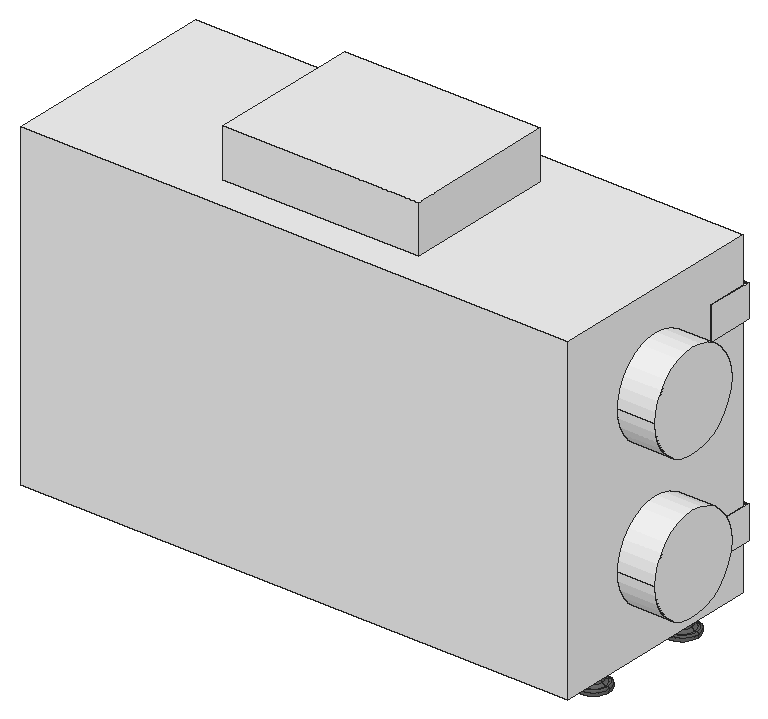
Revit family "BLAUBERG-KOMFORT_Ultra_L_250", category Mechanical Equipment, Revit 2019
Family settings
  Round Connector Dimension = Use Diameter
  Classification = None
  Part Type = Normal
  OmniClass Number = 23.75.35.14
  OmniClass Title = Air Handling Units
  Work Plane-Based = No
  Always vertical = Yes
  Cut with Voids When Loaded = No
  Shared = No
  Room Calculation Point = No
Parameters (values of type "KOMFORT Ultra L 250-E")
  dLFeets = 22 mm
  dBFeets = 70 mm
  Weight = 25.00 kg
  Standard Service Side [instance] = yes
  Sound Pressure Level at 3 m (dBA) = "28..47"
  ServiceDoorB = 20 mm  # constant formula
  Service Side 2 [instance] = Standard Service Side  # yes
  Service Side 1 [instance] = not(Standard Service Side)  # no
  MountingPlateH2 = 339 mm
  MountingPlateH1 = 80 mm
  MountingPlateGapB = 7 mm  # constant formula
  MountingPlateB = MountingPlateGapB + 15 mm  # 22 mm
  Maintenance Zone Side 2 [instance] = if(Maintenance Zone, (if(not(Standard Service Side), 1 = 1, 1 = 0)), 1 = 0)  # no
  Maintenance Zone Side 1 [instance] = if(Maintenance Zone, (if(Standard Service Side, 1 = 1, 1 = 0)), 1 = 0)  # no
  Plastic Material = Polypropylene Black
  Maximum Unit Power = 148 W
  Unit Current = 0.78 A
  Leveling Feets Height Calc [instance] = if(Leveling Feets Height < 23 mm, 23 mm, Leveling Feets Height)  # 23 mm
  Leveling Feets Height [instance] = 23 mm
  Leveling Feets [instance] = yes
  H2 = 114 mm
  H1 = 114 mm
  Heat Exchanger Material = "enthalpy"
  HDuctCon = 50 mm  # constant formula
  H = 419 mm
  ElConB = 143 mm
  ElConL = 357.5 mm
  ElBoxH = 63 mm
  ElBoxB = 198 mm
  ElBoxA = 255 mm
  DrainPipeD = if(Drain Connection Diameter = 0 mm, 1 mm, Drain Connection Diameter)  # 1 mm
  DrainPipe = no
  DrainConB = 247 mm
  Drain Flow [instance] = 0.0 L/s
  Drain Connection Diameter = 0 mm
  BackFeetD = 20 mm  # constant formula
  B2 = 143 mm
  Air Flow Factor [instance] = 1  # constant formula
  B1 = 143 mm
  L = 715 mm
  Voltage = 230 V
  URL = "https://blaubergventilatoren.de/ru/product/komfort-ultra-l250-e-s12"
  Type Comments = "Air Handling Unit KOMFORT Ultra L 250-E"
  Transported Air Temperature (°C) = "-25…+40"
  Supply Air Filter = "G4 (option F8)"
  SEC Class = "E"
  RPM (min-1) = 2700
  Power Factor = 1
  Power = Maximum Unit Power  # 148 W
  Number of Poles = 1
  Model = "KOMFORT Ultra L 250-E"
  Maximum Air Flow = 250 m³/h
  Manufacturer = "Blauberg"
  Maintenance Zone Material = Maintenance Zone
  Front Maintenance Zone Height = 500 mm
  Maintenance Zone [instance] = no
  Load Classification = HVAC
  B = 286 mm
  Heat recovery efficiency (%) = "52..73"
  Heat Exchanger Type = "cross-flow"
  Metal Material = Metal Zinc
  Family Version = "1.0"  # constant formula
  Extract Air Filter = "G4"
  Duct Connection Diameter = 125 mm
  Description = "Air Handling Unit"
  D = Duct Connection Diameter  # 125 mm
  Current = Unit Current  # 0.78 A
  Copyright = "©Blauberg"
  Casing Material = Painted Steel White
  Apparent Power [instance] = Power / Power Factor  # 148 VA
  Air Flow Supply [instance] = 0 m³/h
  Air Flow Exhaust [instance] = 0 m³/h
Types (2, lengths in mm): name | Weight | Heat Exchanger Material | DrainPipeD | DrainPipe | Drain Connection Diameter | URL | Type Comments | Model | Heat recovery efficiency (%)
  KOMFORT Ultra L 250-H | 26.00 kg | "polystyrene" | 16 | yes | 16 | "https://blaubergventilatoren.de/ru/product/komfort-ultra-l250-h-s12" | "Air Handling Unit KOMFORT Ultra L 250-H" | "KOMFORT Ultra L 250-H" | "55..78"
  KOMFORT Ultra L 250-E | 25.00 kg | "enthalpy" | 1 | no | 0 | "https://blaubergventilatoren.de/ru/product/komfort-ultra-l250-e-s12" | "Air Handling Unit KOMFORT Ultra L 250-E" | "KOMFORT Ultra L 250-E" | "52..73"
Reference planes
  plane 1 "Center (Front/Back)": y = 0
  plane 2: z = 0
  plane 3 "Center (Left/Right)": x = 0
  plane 4 "Right": x = 357.5
  plane 5 "Front": y = -143
  plane 6 "Left": x = -357.5
  plane 7 "Top": z = 442
  plane 8 "Back": y = 143
  plane 9 "DuctConB1": y = 0
  plane 10 "DuctConB2": y = 0
  plane 11 "Bottom": z = 23
  plane 12 "FeetsL1": x = -335.5
  plane 13 "FeetsL2": x = 335.5
  plane 14 "FeetsB1": y = 73
  plane 15 "FeetsB2": y = -73
  plane 16 "DuctConH1": z = 328
  plane 17 "ElConB": y = 0
  plane 18 "ServiceDoorBack": y = 123
  plane 19 "ServiceDoorFront": y = -123
  plane 20 "DrainConB": x = 110.5
  plane 21 "MountingPlateFront": y = -150
  plane 22 "MountingPlateBack": y = 150
  plane 23 "MountingPlateH2": z = 362
  plane 24 "MountingPlateH1": z = 103
  plane 25 "ElConL": x = 0
  plane 26: x = -127.5
  plane 27: x = 127.5
  plane 28: y = 99
  plane 29: y = -99
  plane 30 "MountingPlateH4": y = -23.5
  plane 31 "DuctConH2": z = 137
  plane 32: x = -407.5
  plane 33: x = 407.5
  plane 34 "ElConH": z = 505
Forms (mm)
  Extrusion 1, solid, material "Painted Steel White" <- "Casing Material", detail levels medium+fine
    sketch origin (0, 377, 23) x (-1, 0, 0) y (0, -1, 0)
      loop
        line (357.5, 234) -> (357.5, 520) -> (-357.5, 520) -> (-357.5, 234) -> (357.5, 234)
    from 0 to 419
  Extrusion 2, solid, material "Polypropylene Black" <- "Plastic Material", visible <- "DrainPipe", detail levels medium+fine
    sketch origin (0, 0, 23) x (-1, 0, 0) y (0, -1, 0)
      loop
        circle (-110.5, 0) r 0.5
    from 0 to -35
  Extrusion 3, solid, material "Painted Steel White" <- "Casing Material", detail levels medium+fine
    sketch origin (0, 0, 442) x (-1, 0, 0) y (0, -1, 0)
      loop
        line (127.5, -99) -> (127.5, 99) -> (-127.5, 99) -> (-127.5, -99) -> (127.5, -99)
    from 0 to 63
  Extrusion 4, solid, material "Painted Steel White" <- "Casing Material", detail levels medium+fine
    sketch origin (-357.5, 0, 0) x (0, 1, 0) y (0, 0, 1)
      loop
        circle (0, 328) r 62.5
      loop
        circle (0, 137) r 62.5
    from 0 to -50
  Extrusion 5, solid, material "Painted Steel White" <- "Casing Material", detail levels medium+fine
    sketch origin (357.5, 0, 0) x (0, 1, 0) y (0, 0, 1)
      loop
        circle (0, 328) r 62.5
      loop
        circle (0, 137) r 62.5
    from 0 to 50
Lines and regions (mm)
  model lines, detail levels coarse
    curve 1: line (-357.5, -143, 442) -> (-357.5, 143, 442)
    curve 2: line (357.5, -143, 442) -> (-357.5, -143, 442)
    curve 3: line (357.5, 143, 442) -> (357.5, -143, 442)
    curve 4: line (-357.5, -143, 23) -> (-357.5, 143, 23)
    curve 5: line (357.5, -143, 23) -> (-357.5, -143, 23)
    curve 6: line (357.5, 143, 23) -> (357.5, -143, 23)
    curve 7: line (-357.5, -143, 442) -> (357.5, -143, 442)
    curve 8: line (-357.5, -143, 23) -> (-357.5, -143, 442)
    curve 9: line (357.5, -143, 23) -> (-357.5, -143, 23)
    curve 10: line (357.5, -143, 442) -> (357.5, -143, 23)
    curve 11: line (-357.5, -143, 442) -> (-357.5, -143, 23)
    curve 12: line (357.5, -143, 442) -> (357.5, -143, 23)
    curve 13: line (-357.5, 143, 23) -> (357.5, 143, 23)
    curve 14: line (-357.5, 143, 442) -> (357.5, 143, 442)
    curve 15: line (-357.5, 143, 442) -> (-357.5, 143, 23)
    curve 16: line (357.5, 143, 442) -> (357.5, 143, 23)
    curve 17: line (-407.5, 0, 328) -> (-357.5, 0, 328)
    curve 18: line (-407.5, 0, 137) -> (-357.5, 0, 137)
    curve 19: line (357.5, 0, 137) -> (407.5, 0, 137)
    curve 20: line (357.5, 0, 328) -> (407.5, 0, 328)
Dimensions and locks
  "B": plane 8 "Back" to plane 5 "Front"
  equal spacing: plane 6 "Left", plane 3 "Center (Left/Right)", plane 4 "Right"
  "L": plane 6 "Left" to plane 4 "Right"
  "dBFeets": plane 8 "Back" to plane 14 "FeetsB1"
  "dBFeets": plane 15 "FeetsB2" to plane 5 "Front"
  "dLFeets": plane 6 "Left" to plane 12 "FeetsL1"
  "dLFeets": plane 13 "FeetsL2" to plane 4 "Right"
  "Leveling Feets Height Calc": plane 11 "Bottom" to level
  "H": plane 7 "Top" to plane 11 "Bottom"
  "B1": plane 10 "DuctConB2" to plane 5 "Front"
  "ElConB": plane 8 "Back" to plane 17 "ElConB"
  "ServiceDoorB": plane 8 "Back" to plane 18 "ServiceDoorBack"
  "ServiceDoorB": plane 19 "ServiceDoorFront" to plane 5 "Front"
  equal spacing: plane 8 "Back", plane 1 "Center (Front/Back)", plane 5 "Front"
  "B2": plane 8 "Back" to plane 9 "DuctConB1"
  "DrainConB": plane 20 "DrainConB" to plane 4 "Right"
  "MountingPlateGapB": plane 22 "MountingPlateBack" to plane 8 "Back"
  "MountingPlateGapB": plane 5 "Front" to plane 21 "MountingPlateFront"
  "MountingPlateH1": plane 24 "MountingPlateH1" to plane 11 "Bottom"
  "MountingPlateH2": plane 23 "MountingPlateH2" to plane 11 "Bottom"
  "ElConL": plane 25 "ElConL" to plane 4 "Right"
  equal spacing: plane 26, plane 25 "ElConL", plane 27
  "ElBoxA": plane 26 to plane 27
  equal spacing: plane 28, plane 17 "ElConB", plane 29
  "ElBoxB": plane 28 to plane 29
  "H1": plane 31 "DuctConH2" to plane 11 "Bottom"
  "H2": plane 7 "Top" to plane 16 "DuctConH1"
  "HDuctCon": plane 32 to plane 6 "Left"
  "HDuctCon": plane 4 "Right" to plane 33
  "ElBoxH": plane 34 "ElConH" to plane 7 "Top"
  "DrainPipeD": diameter of Extrusion 2 sketch curve
  "D": diameter of Extrusion 4 sketch curve  (x2)
  "D": diameter of Extrusion 5 sketch curve  (x2)
  aligned and locked: level to plane 2
  aligned and locked: plane 12 "FeetsL1" to nested 1
  aligned and locked: nested 1 to plane 14 "FeetsB1"
  aligned and locked: plane 13 "FeetsL2" to nested 2
  aligned and locked: nested 2 to plane 14 "FeetsB1"
  aligned and locked: nested 3 to plane 15 "FeetsB2"
  aligned and locked: plane 13 "FeetsL2" to nested 3
  aligned and locked: plane 12 "FeetsL1" to nested 4
  aligned and locked: nested 4 to plane 15 "FeetsB2"
  aligned and locked: Extrusion 1 sketch curve to plane 8 "Back"
  aligned and locked: plane 6 "Left" to Extrusion 1 sketch curve
  aligned and locked: plane 5 "Front" to Extrusion 1 sketch curve
  aligned and locked: Extrusion 1 sketch curve to plane 4 "Right"
  aligned and locked: plane 7 "Top" to Extrusion 1
  aligned and locked: plane 3 "Center (Left/Right)" to nested 5
  aligned and locked: nested 5 to plane 7 "Top"
  aligned and locked: curve 2 to Extrusion 1
  aligned and locked: curve 4 to curve 1
  aligned and locked: curve 2 to curve 5
  aligned and locked: curve 6 to nested 5
  aligned and locked: curve 8 to Extrusion 1
  aligned and locked: curve 10 to Extrusion 1
  aligned and locked: curve 11 to plane 5 "Front"
  aligned and locked: curve 12 to plane 5 "Front"
  aligned and locked: plane 8 "Back" to curve 3
  aligned and locked: plane 8 "Back" to curve 6
  aligned and locked: plane 6 "Left" to curve 13
  aligned and locked: curve 13 to plane 8 "Back"
  aligned and locked: plane 4 "Right" to curve 14
  aligned and locked: plane 6 "Left" to curve 14
  aligned and locked: curve 14 to plane 8 "Back"
  aligned and locked: plane 3 "Center (Left/Right)" to nested 6
  aligned and locked: nested 6 to plane 7 "Top"
  aligned and locked: plane 7 "Top" to curve 15
  aligned and locked: plane 11 "Bottom" to curve 15
  aligned and locked: plane 7 "Top" to curve 16
  aligned and locked: plane 11 "Bottom" to curve 16
  aligned and locked: plane 8 "Back" to curve 15
  aligned and locked: plane 8 "Back" to curve 16
  aligned and locked: plane 23 "MountingPlateH2" to nested 7
  aligned and locked: plane 24 "MountingPlateH1" to nested 8
  aligned and locked: plane 23 "MountingPlateH2" to nested 9
  aligned and locked: plane 24 "MountingPlateH1" to nested 10
  aligned and locked: plane 3 "Center (Left/Right)" to nested 7
  aligned and locked: plane 3 "Center (Left/Right)" to nested 9
  aligned and locked: plane 3 "Center (Left/Right)" to nested 8
  aligned and locked: plane 3 "Center (Left/Right)" to nested 10
  aligned and locked: Extrusion 3 sketch curve to plane 28
  aligned and locked: plane 26 to Extrusion 3 sketch curve
  aligned and locked: plane 29 to Extrusion 3 sketch curve
  aligned and locked: Extrusion 3 sketch curve to plane 27
  aligned and locked: plane 9 "DuctConB1" to Extrusion 4 sketch curve  (x2)
  aligned and locked: plane 16 "DuctConH1" to Extrusion 4 sketch curve
  aligned and locked: plane 31 "DuctConH2" to Extrusion 4 sketch curve
  aligned and locked: plane 10 "DuctConB2" to Extrusion 5 sketch curve  (x2)
  aligned and locked: plane 16 "DuctConH1" to Extrusion 5 sketch curve
  aligned and locked: plane 31 "DuctConH2" to Extrusion 5 sketch curve
  aligned and locked: Extrusion 4 to plane 32
  aligned and locked: plane 33 to Extrusion 5
  aligned and locked: plane 32 to curve 17
  aligned and locked: plane 6 "Left" to curve 17
  aligned and locked: plane 32 to curve 18
  aligned and locked: plane 6 "Left" to curve 18
  aligned and locked: curve 17 to plane 9 "DuctConB1"
  aligned and locked: curve 18 to plane 9 "DuctConB1"
  aligned and locked: plane 4 "Right" to curve 19
  aligned and locked: plane 33 to curve 19
  aligned and locked: plane 4 "Right" to curve 20
  aligned and locked: plane 33 to curve 20
  aligned and locked: curve 19 to plane 10 "DuctConB2"
  aligned and locked: curve 20 to plane 10 "DuctConB2"
  aligned and locked: plane 34 "ElConH" to Extrusion 3
Automatic sketch dimensions
  curve 11 to plane 11 "Bottom" = 0 mm
  curve 11 to plane 7 "Top" = 0 mm
  curve 12 to plane 11 "Bottom" = 0 mm
  curve 12 to plane 7 "Top" = 0 mm
  curve 10 to plane 11 "Bottom" = 0 mm
  curve 7 to plane 7 "Top" = 0 mm
  plane 1 "Center (Front/Back)" to Extrusion 2 sketch curve = 0 mm
  Extrusion 2 sketch curve to plane 20 "DrainConB" = 0 mm
Nested families
  nested 1: "LevellingFeet" at (-335.5, 73, 0), visible <- "Leveling Feets", type "LevellingFeet", detail levels medium+fine
  nested 2: "LevellingFeet" at (335.5, 73, 0), visible <- "Leveling Feets", type "LevellingFeet", detail levels medium+fine
  nested 3: "LevellingFeet" at (335.5, -73, 0), visible <- "Leveling Feets", type "LevellingFeet", detail levels medium+fine
  nested 4: "LevellingFeet" at (-335.5, -73, 0), visible <- "Leveling Feets", type "LevellingFeet", detail levels medium+fine
  nested 5: "MaintenanceZone_Rect" at (0, -143, 232.5) x (1, 0, 0) z (0, 1, 0), visible <- "Maintenance Zone Side 1", type "Front", detail levels medium+fine
    with Maintenance Zone Width 419 mm, Maintenance Zone Length 715 mm, Maintenance Zone Height 500 mm
  nested 6: "MaintenanceZone_Rect" at (0, 143, 232.5) x (1, 0, 0) z (0, -1, 0), visible <- "Maintenance Zone Side 2", type "Front", detail levels medium+fine
    with Maintenance Zone Width 419 mm, Maintenance Zone Length 715 mm, Maintenance Zone Height 500 mm
  nested 7: "MountingPlate5" at (0, -150, 362) x (1, 0, 0) z (0, 1, 0), visible <- "Service Side 1", type "MountingPlate5", detail levels medium+fine
    with Width 43 mm, Lenght 715 mm, Height 60 mm
  nested 8: "MountingPlate5" at (0, -150, 103) x (1, 0, 0) z (0, 1, 0), visible <- "Service Side 1", type "MountingPlate5", detail levels medium+fine
    with Width 43 mm, Lenght 715 mm, Height 60 mm
  nested 9: "MountingPlate5" at (0, 150, 362) x (1, 0, 0) z (0, -1, 0), visible <- "Service Side 2", type "MountingPlate5", detail levels medium+fine
    with Width 43 mm, Lenght 715 mm, Height 60 mm
  nested 10: "MountingPlate5" at (0, 150, 103) x (1, 0, 0) z (0, -1, 0), visible <- "Service Side 2", type "MountingPlate5", detail levels medium+fine
    with Width 43 mm, Lenght 715 mm, Height 60 mm
Connectors
  piping at (110.5, 0, -12), driven by "Drain Connection Diameter", driven by "Drain Flow"
    settings: on Extrusion 2, index 7, connector diameter 0 mm, connector inside diameter 609.6 mm, connector length 0 mm, flow factor 0, pipe flow 0.0 L/s, pressure drop 0.0 Pa, fitting loss kfactor 0, connector angle 0.00°, fixture units 0, engagement length 0 mm, angle of deflection 0.00°, flow configuration 1, flow direction 2, fitting loss method 0, system type 16, joint type 0, gender type 0, connector reference index -1, connector utility 0, adjustable connector no, is connector primary yes, connector description "Drain"
  hvac at (-407.5, 0, 328), driven by "Duct Connection Diameter", driven by "Air Flow Exhaust"
    settings: on Extrusion 4, index 8, duct flow 0 m³/h, flow factor 0, pres drop 0.0 Pa, loss coef 0, conn angle 0.00°, conn width 304.8 mm, conn height 304.8 mm, conn diameter 125 mm, duct sys type 3, conn prof type 0, flow config 0, flow direction 1, loss method 0, conn ref index -1, conn util no, is conn primary no, conn desc "Extract Air"
  hvac at (-407.5, 0, 137), driven by "Duct Connection Diameter", driven by "Air Flow Supply"
    settings: on Extrusion 4, index 9, duct flow 0 m³/h, flow factor 0, pres drop 0.0 Pa, loss coef 0, conn angle 0.00°, conn width 304.8 mm, conn height 304.8 mm, conn diameter 125 mm, duct sys type 1, conn prof type 0, flow config 0, flow direction 2, loss method 0, conn ref index -1, conn util no, is conn primary no, conn desc "Supply Air"
  hvac at (407.5, 0, 328), driven by "Duct Connection Diameter", driven by "Air Flow Supply"
    settings: on Extrusion 5, index 10, duct flow 0 m³/h, flow factor 0, pres drop 0.0 Pa, loss coef 0, conn angle 0.00°, conn width 304.8 mm, conn height 304.8 mm, conn diameter 125 mm, duct sys type 1, conn prof type 0, flow config 1, flow direction 1, loss method 0, conn ref index -1, conn util no, is conn primary yes, conn desc "Intake Air"
  hvac at (407.5, 0, 137), driven by "Duct Connection Diameter", driven by "Air Flow Exhaust"
    settings: on Extrusion 5, index 11, duct flow 0 m³/h, flow factor 0, pres drop 0.0 Pa, loss coef 0, conn angle 0.00°, conn width 304.8 mm, conn height 304.8 mm, conn diameter 125 mm, duct sys type 3, conn prof type 0, flow config 1, flow direction 2, loss method 0, conn ref index -1, conn util no, is conn primary no, conn desc "Exhaust Air"
  electrical at (0, 0, 505), driven by "Number of Poles", driven by "Load Classification", driven by "Voltage", driven by "Apparent Power", driven by "Power Factor"
    settings: on Extrusion 3, index 12, voltage 230 V, apparent load 148 VA, apparent load phase1 0 VA, apparent load phase2 0 VA, apparent load phase3 0 VA, power factor 1, load classification "HVAC", number of poles 1, system type 30, power factor state 1, is connector primary yes, connector utility no, sub classification motor no, connector description ""
Definition of nested family "LevellingFeet"
  Parameters (values of type "LevellingFeet")
    r2 = d2 / 2  # 9 mm
    r1 = d1 / 2  # 12 mm
    h2 = 15 mm
    h1 = 6 mm
    d3 = 8 mm
    d2 = 18 mm
    d1 = 24 mm
    R = D / 2  # 20.5 mm
    Material = none
    H = 23 mm
    Default Elevation = 1219.2 mm
    D = 41 mm
  Reference planes
    plane 1 "Center (Front/Back)": y = 0
    plane 2: z = 0
    plane 3 "Center (Left/Right)": x = 0
    plane 4: z = 6
    plane 5: x = -9
    plane 6: x = -20.5
    plane 7: x = -12
    plane 8: z = 21
    plane 9: z = 23
  Forms (mm)
    Revolve 1, solid, material <- "Material"
      sketch origin (0, 0, 0) x (1, 0, 0) y (0, 0, 1)
        loop
          line (0, 21) -> (-9, 21) -> (-11.354, 9.228)
          arc (-11.354, 9.228) -> (-12.746, 6.91) -> (-15.292, 6) r 4.016
          line (-15.292, 6) -> (-18.541, 6)
          arc (-18.541, 6) -> (-19.926, 5.426) -> (-20.5, 4.041) r 1.959
          line (-20.5, 4.041) -> (-20.5, 0) -> (0, 0) -> (0, 21)
        axis (0, 21) -> (0, 0)
      angle from 0 to 360
    Extrusion 2, solid, material <- "Material"
      sketch origin (0, 0, 0) x (1, 0, 0) y (0, 1, 0)
        loop
          circle (0, 0) r 4
      from 23 to 6
  Cuts and joins
    joined: Revolve 1, Extrusion 2
  Dimensions and locks
    "r2": plane 3 "Center (Left/Right)" to plane 5
    "R": plane 3 "Center (Left/Right)" to plane 6
    "r1": plane 3 "Center (Left/Right)" to plane 7
    "h2": plane 8 to plane 4
    "h1": plane 4 to level
    "H": plane 9 to level
    "d3": diameter of Extrusion 2 sketch curve
    aligned and locked: level to plane 2
    aligned and locked: Revolve 1 sketch curve to plane 3 "Center (Left/Right)"
    aligned and locked: plane 8 to Revolve 1 sketch curve
    aligned and locked: Extrusion 2 to plane 4
    aligned and locked: plane 9 to Extrusion 2
    aligned and locked: cut or joined group of Revolve 1, Extrusion 2 to level
  Automatic sketch dimensions
    Revolve 1 sketch curve to level = 0 mm
    Revolve 1 sketch curve to plane 6 = 0 mm
    Revolve 1 sketch curve to plane 4 = 0 mm
    Revolve 1 sketch curve to plane 5 = 0 mm
    Revolve 1 sketch curve to plane 3 "Center (Left/Right)" = 0 mm
    plane 6 to Revolve 1 sketch curve = 1.959 mm
    Revolve 1 sketch curve to plane 7 = 3.292 mm
    plane 7 to Revolve 1 sketch curve = 0.646 mm
    plane 4 to Revolve 1 sketch curve = 3.228 mm
    Revolve 1 sketch curve to level = 336.045 mm
    plane 9 to Revolve 1 sketch curve = 2172.315 mm
    plane 1 "Center (Front/Back)" to Extrusion 2 sketch curve = 0 mm
    Extrusion 2 sketch curve to plane 3 "Center (Left/Right)" = 0 mm
Definition of nested family "MaintenanceZone_Rect"
  Parameters (values of type "MaintenanceZone_Rect")
    Maintenance Zone Width = 500 mm
    Material = none
    Maintenance Zone Length = 1000 mm
    Maintenance Zone Height = 300 mm
    Family Version = ""
    Default Elevation = 1219.2 mm
    Copyright = ""
  Reference planes
    plane 1 "Center (Front/Back)": y = 0
    plane 2: z = 0
    plane 3 "Center (Left/Right)": x = 0
    plane 4: x = -500
    plane 5: x = 500
    plane 6: y = 250
    plane 7: y = -250
    plane 8: z = -300
  Forms (mm)
    Extrusion 1, solid, material <- "Material", detail levels medium+fine
      sketch origin (0, 0, 0) x (1, 0, 0) y (0, 1, 0)
        loop
          line (-500, 250) -> (-500, -250) -> (500, -250) -> (500, 250) -> (-500, 250)
      from 0 to -300
  Lines and regions (mm)
    symbolic lines, detail levels medium+fine
      curve 1: line (-500, 0, 0) -> (500, 0, 0)
      curve 2: line (-500, 0, -300) -> (-500, 0, 0)
      curve 3: line (500, 0, -300) -> (-500, 0, -300)
      curve 4: line (500, 0, 0) -> (500, 0, -300)
      curve 5: line (0, 250, 0) -> (0, -250, 0)
      curve 6: line (0, 250, -300) -> (0, 250, 0)
      curve 7: line (0, -250, -300) -> (0, 250, -300)
      curve 8: line (0, -250, 0) -> (0, -250, -300)
      curve 9: line (-500, 250, 0) -> (500, 250, 0)
      curve 10: line (-500, -250, 0) -> (-500, 250, 0)
      curve 11: line (500, -250, 0) -> (-500, -250, 0)
      curve 12: line (500, 250, 0) -> (500, -250, 0)
  Dimensions and locks
    equal spacing: plane 6, plane 1 "Center (Front/Back)", plane 7
    equal spacing: plane 4, plane 3 "Center (Left/Right)", plane 5
    "Maintenance Zone Width": plane 6 to plane 7
    "Maintenance Zone Length": plane 4 to plane 5
    "Maintenance Zone Height": plane 2 to plane 8
    aligned and locked: level to plane 2
    aligned and locked: Extrusion 1 sketch curve to plane 6
    aligned and locked: plane 4 to Extrusion 1 sketch curve
    aligned and locked: plane 7 to Extrusion 1 sketch curve
    aligned and locked: Extrusion 1 sketch curve to plane 5
    aligned and locked: Extrusion 1 to plane 8
    aligned and locked: curve 1 to Extrusion 1
    aligned and locked: curve 2 to Extrusion 1
    aligned and locked: curve 3 to Extrusion 1
    aligned and locked: curve 4 to Extrusion 1
    aligned and locked: curve 5 to Extrusion 1
    aligned and locked: curve 6 to Extrusion 1
    aligned and locked: curve 7 to Extrusion 1
    aligned and locked: curve 8 to Extrusion 1
    aligned and locked: curve 9 to Extrusion 1
    aligned and locked: curve 10 to Extrusion 1
    aligned and locked: curve 11 to Extrusion 1
    aligned and locked: curve 12 to Extrusion 1
Definition of nested family "MountingPlate5"
  Parameters (values of type "MountingPlate5")
    Width = 50 mm
    Thickness = 2 mm
    Material = none
    Lenght = 500 mm
    Height = 30 mm
    Default Elevation = 1219.2 mm
  Reference planes
    plane 1 "Center (Front/Back)": y = 0
    plane 2: z = 0
    plane 3 "Center (Left/Right)": x = 0
    plane 4: x = -250
    plane 5: x = 250
    plane 6: y = -25
    plane 7: y = 25
    plane 8: z = 30
  Forms (mm)
    Extrusion 1, solid, material <- "Material"
      sketch origin (0, 0, 0) x (1, 0, 0) y (0, 0, 1)
        loop
          line (-250, 30) -> (-252, 30) -> (-252, 0) -> (252, 0) -> (252, 30) -> (250, 30) -> (250, 2) -> (-250, 2) -> (-250, 30)
      from -25 to 25
  Dimensions and locks
    equal spacing: plane 4, plane 3 "Center (Left/Right)", plane 5
    "Lenght": plane 4 to plane 5
    "Height": plane 8 to level
    equal spacing: plane 6, plane 1 "Center (Front/Back)", plane 7
    "Width": plane 6 to plane 7
    "Thickness": Extrusion 1 sketch curve to plane 2
    "Thickness": Extrusion 1 sketch curve to plane 5
    "Thickness": plane 4 to Extrusion 1 sketch curve
    aligned and locked: level to plane 2
    aligned and locked: Extrusion 1 sketch curve to plane 4
    aligned and locked: plane 5 to Extrusion 1 sketch curve
    aligned and locked: plane 8 to Extrusion 1 sketch curve  (x2)
    aligned and locked: plane 2 to Extrusion 1 sketch curve
    aligned and locked: Extrusion 1 to plane 7
    aligned and locked: plane 6 to Extrusion 1
